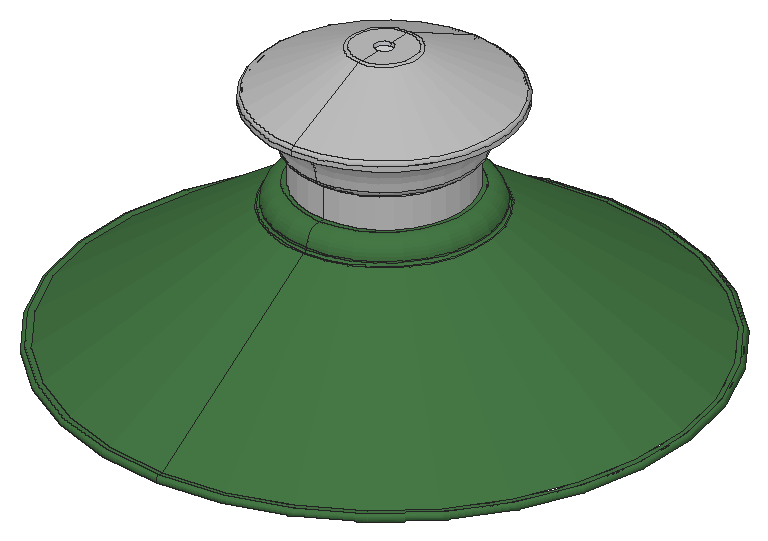
Revit family "B115 SHADE", category Lighting Fixtures, Revit 2024
Family settings
  Round Connector Dimension = Use Diameter
  Part Type = Normal
  OmniClass Number = 23.80.70.00
  OmniClass Title = Lighting
  Work Plane-Based = No
  Always vertical = Yes
  Cut with Voids When Loaded = No
  Light Source = Yes
  Maintain Annotation Orientation = No
  Shared = No
  Room Calculation Point = No
Parameters
  Wattage = 12.1178 W
  built-in parameter 1150110 = 1 (stored number, unit not read)
  built-in parameter 1114217 = 1 (stored number, unit not read)
  built-in parameter 1150109 = 1 (stored number, unit not read)
  built-in parameter 1150134 = (empty or 0)
  built-in parameter 1150113 = 1 (stored number, unit not read)
  Lumens = 1800 lm
  built-in parameter 1150115 = 1 (stored number, unit not read)
  built-in parameter 1150105 = 572.96 (stored number, unit not read)
  Light Source Symbol Size = 2' - 0"
  built-in parameter 1150137 = (empty or 0)
  built-in parameter 1150139 = (empty or 0)
  built-in parameter 1150112 = 1 (stored number, unit not read)
  built-in parameter 1150114 = 1 (stored number, unit not read)
  built-in parameter 1150132 = 2
  built-in parameter 1150102 = (empty or 0)
  built-in parameter 1150138 = (empty or 0)
  built-in parameter 1150107 = 3000 (stored number, unit not read)
  built-in parameter 1150106 = 5.7296 (stored number, unit not read)
  built-in parameter 1150104 = 13.8 (stored number, unit not read)
  Dimming Lamp Color Temperature Shift = (empty or 0)
  Default Elevation = 0' - 0"
  Color Filter = 16777215
  built-in parameter 1114218 = 1 (stored number, unit not read)
  built-in parameter 1150133 = 10 (stored number, unit not read)
Reference planes (in)
  plane 1 "Light Source Axis (F/B)": y = 0
  plane 2: z = 0
  plane 3 "Light Source Axis (L/R)": x = 0
  plane 4 "Light Source Elevation": z = 54
Forms (in)
  Revolve 1, solid
    sketch origin (0, 0, 0) x (0, 1, 0) y (0, 0, 1)
      loop
        arc (8.31859, 54.04193) -> (8.4889, 54.05421) -> (8.4, 54.2) r 0.1
        line (8.4, 54.2) -> (8.2525, 54.2) -> (3.01455, 57.75118)
        arc (3.01455, 57.75118) -> (2.99812, 57.75831) -> (2.98034, 57.76049) r 0.0625
        arc (2.98034, 57.76049) -> (2.93117, 57.77562) -> (2.91, 57.8225) r 0.0625
        line (2.91, 57.8225) -> (2.91, 57.86)
        arc (2.91, 57.86) -> (2.76355, 58.21355) -> (2.41, 58.36) r 0.5
        line (2.41, 58.36) -> (2.275, 58.36) -> (2.275, 59.235)
        arc (2.275, 59.235) -> (2.30845, 59.32011) -> (2.3909, 59.35967) r 0.125
        arc (2.3909, 59.35967) -> (2.46902, 59.39479) -> (2.50619, 59.47196) r 0.125
        arc (2.50619, 59.47196) -> (2.77987, 60.14318) -> (3.375, 60.557) r 1.27595
        line (3.375, 60.557) -> (3.4375, 60.557) -> (3.4375, 60.68821)
        arc (3.4375, 60.68821) -> (3.41824, 60.75486) -> (3.36641, 60.80098) r 0.125
        line (3.36641, 60.80098) -> (0.95739, 61.95255)
        arc (0.95739, 61.95255) -> (0.90485, 61.97081) -> (0.84957, 61.977) r 0.25
        line (0.84957, 61.977) -> (0.25, 61.977) -> (0.25, 61.88325) -> (0.84957, 61.88325)
        arc (0.84957, 61.88325) -> (0.88412, 61.87938) -> (0.91696, 61.86797) r 0.15625
        line (0.91696, 61.86797) -> (3.32598, 60.7164)
        arc (3.32598, 60.7164) -> (3.33894, 60.70487) -> (3.34375, 60.68821) r 0.03125
        line (3.34375, 60.68821) -> (3.34375, 60.64541)
        arc (3.34375, 60.64541) -> (2.7061, 60.20103) -> (2.4129, 59.48124) r 1.3697
        arc (2.4129, 59.48124) -> (2.4036, 59.46195) -> (2.38408, 59.45317) r 0.03125
        arc (2.38408, 59.45317) -> (2.23979, 59.38394) -> (2.18125, 59.235) r 0.21875
        line (2.18125, 59.235) -> (2.18125, 58.26625) -> (2.41, 58.26625)
        arc (2.41, 58.26625) -> (2.69726, 58.14726) -> (2.81625, 57.86) r 0.40625
        line (2.81625, 57.86) -> (2.81625, 57.8225)
        arc (2.81625, 57.8225) -> (2.8621, 57.71192) -> (2.97275, 57.66625) r 0.15625
        line (2.97275, 57.66625) -> (8.31859, 54.04193)
      axis (0, 61.977) -> (0, 54.04193)
    angle from 0 to 360
Dimensions and locks (in)
  aligned and locked: plane 3 "Light Source Axis (L/R)" to imposter light
  aligned and locked: plane 1 "Light Source Axis (F/B)" to imposter light
  aligned and locked: plane 4 "Light Source Elevation" to imposter light
  aligned and locked: level to plane 2
